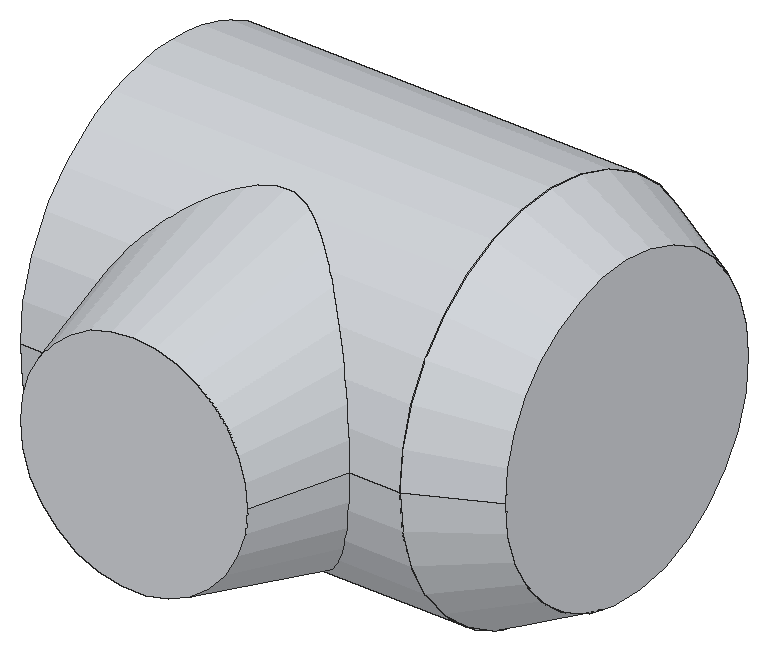
Revit family "ee5ed0733fa14502aa37534244209d94", category Duct Fittings, Revit 2021
Family settings
  Round Connector Dimension = Use Radius
  Part Type = Tee
  OmniClass Number = 23.75.70.14
  OmniClass Title = Air Ductwork
  Seek Item ID = Round Tee with Transition - Conical-0000-USA-ENU
  Work Plane-Based = No
  Always vertical = Yes
  Cut with Voids When Loaded = No
  Shared = No
Parameters (values of type "Standard")
  built-in parameter 1114242 [instance] = (empty or 0)
  Length 2 [instance] = 1"
  Duct Radius 4 [instance] = Duct Diameter 4 * 1 / 2  # 10"
  Duct Radius 3 [instance] = 6"
  Duct Radius 2 [instance] = 8"
  Duct Radius 1 [instance] = 10"
  Duct Length 3 [instance] = if(Duct Radius 1 < 0' 2", Duct Radius 1, Duct Radius 1 * 0.5)  # 5"
  Duct Length 2 [instance] = if(2 * abs(Duct Radius 1 - Duct Radius 2) > 1' 0", 1' 0", if(2 * abs(Duct Radius 1 - Duct Radius 2) < 0' 1", 0' 1", 2 * abs(Duct Radius 1 - Duct Radius 2)))  # 4"
  Duct Length 1 [instance] = if(Duct Radius 3 < Duct Radius 4, Duct Radius 4, Duct Radius 3)  # 10"
  Duct Diameter 4 [instance] = Duct Diameter 1  # 20"
  Duct Diameter 3 [instance] = Duct Radius 3 * 2  # 12"
  Duct Diameter 2 [instance] = Duct Radius 2 * 2  # 16"
  Duct Diameter 1 [instance] = Duct Radius 1 * 2  # 20"
  Default Elevation = 0' - 0"
  Assembly Code = ""
  Angle [instance] = 18.00°
Reference planes (in)
  plane 1 "Center (Front/Back)": y = 0
  plane 2: z = 0
  plane 3 "Center (Left/Right)": x = 0
  plane 4: x = -10
  plane 5 "Duct Length 1": x = 10
  plane 6: x = 14
  plane 7: z = 10
  plane 8 "Duct Radius 1 - Duct Radius 3": z = 4
  plane 9: y = -15
  plane 10 "Duct Radius 1": y = -10
Forms (in)
  Sweep 1, solid, detail levels medium+fine
    path in 3D
      loop
        line (-10, 0, 4) -> (10, 0, 4)
    profile origin (0, 0, 4) x (0, 1, 0) y (0, 0, 1)
      loop
        circle (0, -4) r 10
  Blend 2, solid, detail levels medium+fine
    base sketch origin (0, 0, 0) x (1, 0, 0) y (0, 0, 1)
      loop
        circle (0, 0) r 10
    top sketch origin (0, -10, 0) x (-1, 0, 0) y (0, 0, 1)
      loop
        circle (0, 0) r 6
    from 0 to 5
  Blend 3, solid, detail levels medium+fine
    base sketch origin (10, 48.14665, 48) x (0, 1, 0) y (0, 0, 1)
      loop
        circle (-48.14665, -48) r 10
    top sketch origin (10, 48.14665, 48) x (0, 1, 0) y (0, 0, 1)
      loop
        circle (-48.14665, -48) r 8
    from 0 to 4
Cuts and joins
  joined: Sweep 1, Blend 2
Lines and regions (in)
  reference lines
    curve 1: line (-10, 0, 4) -> (10, 0, 4)
    curve 3: line (10, 0, 4) -> (14, 0, 4)
  sketch lines
    curve 2: line (-10, 0, 4) -> (10, 0, 4)
  model lines, detail levels coarse
    curve 4: line (-10, 0, 0) -> (0, 0, 0)
    curve 5: line (0, 0, 0) -> (14, 0, 0)
    curve 6: line (0, 0, 0) -> (0, -15, 0)
Dimensions and locks (in)
  "Duct Radius 1": plane 7 to plane 2
  "Duct Radius 3": plane 7 to plane 8 "Duct Radius 1 - Duct Radius 3"
  "Duct Length 1": plane 4 to plane 3 "Center (Left/Right)"
  "Duct Length 1": plane 3 "Center (Left/Right)" to plane 5 "Duct Length 1"
  "Duct Length 3": plane 10 "Duct Radius 1" to plane 9
  "Duct Radius 1": plane 10 "Duct Radius 1" to plane 1 "Center (Front/Back)"
  "Duct Length 2": plane 5 "Duct Length 1" to plane 6
  "Duct Radius 1": radius of Sweep 1 sketch curve
  "Duct Radius 4": radius of Blend 2 sketch curve
  "Duct Radius 3": radius of Blend 2 sketch curve
  "Duct Radius 1": radius of Blend 3 sketch curve
  "Duct Radius 2": radius of Blend 3 sketch curve
  aligned and locked: plane 4 to curve 1
  aligned and locked: plane 1 "Center (Front/Back)" to curve 1
  aligned and locked: plane 1 "Center (Front/Back)" to Sweep 1 sketch curve
  aligned and locked: plane 2 to Sweep 1 sketch curve
  aligned and locked: plane 3 "Center (Left/Right)" to Blend 2 sketch curve  (x2)
  aligned and locked: plane 2 to Blend 2 sketch curve  (x2)
  aligned and locked: Blend 2 to plane 1 "Center (Front/Back)"
  aligned and locked: cut or joined group of Sweep 1, Blend 2 to plane 9
  aligned and locked: plane 1 "Center (Front/Back)" to Blend 3 sketch curve  (x2)
  aligned and locked: plane 2 to Blend 3 sketch curve  (x2)
  aligned and locked: plane 6 to Blend 3
  aligned and locked: plane 5 "Duct Length 1" to curve 3
  aligned and locked: plane 6 to curve 3
  aligned and locked: plane 1 "Center (Front/Back)" to curve 3
  aligned and locked: plane 4 to curve 4
  aligned and locked: plane 1 "Center (Front/Back)" to curve 4
  aligned and locked: plane 6 to curve 5
  aligned and locked: plane 1 "Center (Front/Back)" to curve 6
  aligned and locked: plane 9 to curve 6
  aligned and locked: curve 6 to plane 3 "Center (Left/Right)"
Connectors (in)
  hvac at (-10, 0, 0), driven by "Duct Radius 1"
    settings: on cut or joined group of Sweep 1, Blend 2, index 1, duct flow 0 CFM, flow factor 0, pres drop 0.00 in-wg, loss coef 0, conn angle 0.00°, conn width 12", conn height 12", conn diameter 20", duct sys type 28, conn prof type 0, flow config 0, flow direction 0, loss method 0, conn ref index 2, conn util no, is conn primary yes, conn desc ""
  hvac at (14, 0, 0), driven by "Duct Radius 2"
    settings: on Blend 3, index 2, duct flow 0 CFM, flow factor 0, pres drop 0.00 in-wg, loss coef 0, conn angle 0.00°, conn width 12", conn height 12", conn diameter 16", duct sys type 28, conn prof type 0, flow config 0, flow direction 0, loss method 0, conn ref index 1, conn util no, is conn primary no, conn desc ""
  hvac at (0, -15, 0), driven by "Duct Radius 3"
    settings: on cut or joined group of Sweep 1, Blend 2, index 3, duct flow 0 CFM, flow factor 0, pres drop 0.00 in-wg, loss coef 0, conn angle 0.00°, conn width 12", conn height 12", conn diameter 12", duct sys type 28, conn prof type 0, flow config 0, flow direction 0, loss method 0, conn ref index -1, conn util no, is conn primary no, conn desc ""
